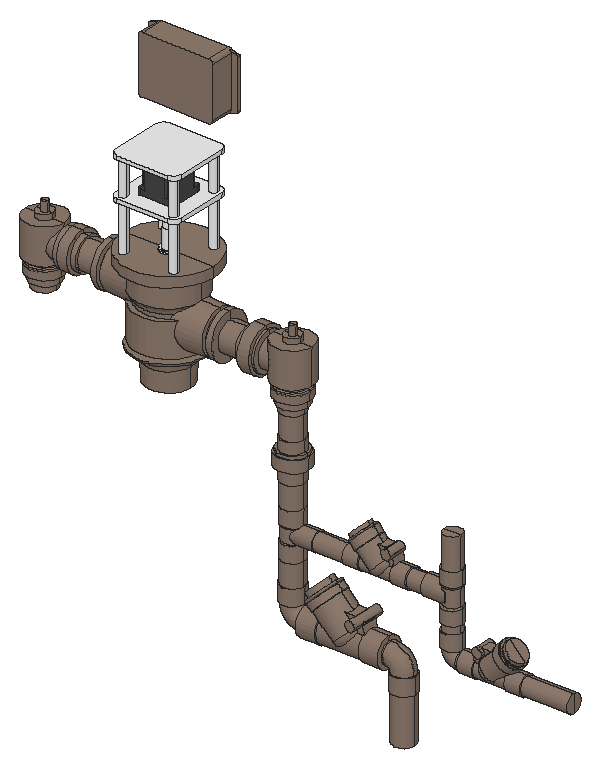
Revit family "Plumbing_Valves_Leonard-Valve_Proton-PNV-150-LF-R", category Pipe Accessories, Revit 2018
Family settings
  Round Connector Dimension = Use Diameter
  Part Type = Normal
  OmniClass Number = 23.65.55.14.24
  OmniClass Title = Mixing Valves for Liquid Services
  Work Plane-Based = Yes
  Always vertical = Yes
  Cut with Voids When Loaded = Yes
  Shared = No
Parameters (values of type "PNV-150-LF-R")
  Water Pressure Maximum = 125.0 psi  # constant formula
  URL = "http://www.leonardvalve.com"
  Product data url = "https://bimobject.com/leonardvalvecompany/product/pnv-150-lf-r"
  Product Page URL = "https://www.leonardvalve.com/products/lines/228/product/4892"
  Product Material = Bronze - Leonard Valve Company
  Product Guid = "440fbd83-db79-42a4-8fbc-f5e40b03caee"
  Piping Method = "Method W"  # constant formula
  Outlet Temperature Range = "65°F-180°F"  # constant formula
  Outlet = 1 1/2"
  Offset = 0"
  Model = "PNV-150-LF-R"
  Mixed Water Outlet Flow [instance] = 0.0 GPM
  Minimum Flow Rate = 0.25 GPM  # constant formula
  Maximum Pressure Drop = 50.0 psi  # constant formula
  Maximum Flow Rate = 165.0 GPM  # constant formula
  Manufacturer = "Leonard Valve"  # constant formula
  Keynote = "15400"
  Inlet = 1 1/4"
  Hot Water Inlet Flow [instance] = 0.0 GPM
  Hot Inlet Temperature Range = "120°F-180°F"  # constant formula
  Edition number = 1
  Description = "Proton-PNV-150-LF-R"
  Default Elevation = 48"
  Cold Water Inlet Flow [instance] = 0.0 GPM
  Cold Inlet Temperature Range = "39°F-80°F"  # constant formula
  Assembly Code = "D2090800"
Reference planes (in)
  plane 1 "Center (Front/Back)": y = 0
  plane 2: z = 0
  plane 3 "Center (Left/Right)": x = 0
  plane 4: y = 0
Dimensions and locks (in)
  "Offset": plane 4 to plane 1 "Center (Front/Back)"
  aligned and locked: level to plane 2
  aligned and locked: plane 3 "Center (Left/Right)" to nested 1
  aligned and locked: plane 4 to nested 1
Nested families (in)
  nested 1: "Proton-PNV-150-LF-R" at (0, -0.76642, 0), type "Proton-PNV-150-LF-R"
Connectors (in)
  piping at (15.16, -2.88589, 0), diameter 1.25, driven by "Inlet", driven by "Cold Water Inlet Flow"
    settings: on nested 1, index 1, connector inside diameter 609.6 mm, connector length 0", flow factor 0, pipe flow 0.0 GPM, pressure drop 0.0 psi, fitting loss kfactor 0, connector angle 0.00°, fixture units 0, engagement length 0", angle of deflection 0.00°, flow configuration 0, flow direction 1, fitting loss method 0, system type 20, joint type 0, gender type 0, connector reference index -1, connector utility 0, adjustable connector no, is connector primary yes, connector description "Cold Water Inlet"
  piping at (26.12, -2.8922, 6.04), diameter 1, driven by "Cold Water Inlet Flow"
    settings: on nested 1, index 2, connector inside diameter 609.6 mm, connector length 0", flow factor 0, pipe flow 0.0 GPM, pressure drop 0.0 psi, fitting loss kfactor 0, connector angle 0.00°, fixture units 0, engagement length 0", angle of deflection 0.00°, flow configuration 0, flow direction 2, fitting loss method 0, system type 8, joint type 0, gender type 0, connector reference index -1, connector utility 0, adjustable connector no, is connector primary no, connector description "Return Outlet"
  piping at (-8, -2.88589, 18.23), diameter 1.25, driven by "Inlet", driven by "Hot Water Inlet Flow"
    settings: on nested 1, index 3, connector inside diameter 609.6 mm, connector length 0", flow factor 0, pipe flow 0.0 GPM, pressure drop 0.0 psi, fitting loss kfactor 0, connector angle 0.00°, fixture units 0, engagement length 0", angle of deflection 0.00°, flow configuration 0, flow direction 1, fitting loss method 0, system type 19, joint type 0, gender type 0, connector reference index -1, connector utility 0, adjustable connector no, is connector primary no, connector description "Hot Water Inlet"
  piping at (18.30888, -2.8937, 13.23), diameter 1, driven by "Cold Water Inlet Flow"
    settings: on nested 1, index 5, connector inside diameter 609.6 mm, connector length 0", flow factor 0, pipe flow 0.0 GPM, pressure drop 0.0 psi, fitting loss kfactor 0, connector angle 0.00°, fixture units 0, engagement length 0", angle of deflection 0.00°, flow configuration 0, flow direction 1, fitting loss method 0, system type 8, joint type 0, gender type 0, connector reference index -1, connector utility 0, adjustable connector no, is connector primary no, connector description "Return Inlet"
  piping at (0, -2.88829, 15.62187), diameter 1.5, driven by "Outlet", driven by "Mixed Water Outlet Flow"
    settings: on nested 1, index 6, connector inside diameter 609.6 mm, connector length 0", flow factor 0, pipe flow 0.0 GPM, pressure drop 0.0 psi, fitting loss kfactor 0, connector angle 0.00°, fixture units 0, engagement length 0", angle of deflection 0.00°, flow configuration 0, flow direction 2, fitting loss method 0, system type 7, joint type 0, gender type 0, connector reference index -1, connector utility 0, adjustable connector no, is connector primary no, connector description "Mixed Water Outlet"
Definition of nested family "Proton-PNV-150-LF-R"
  Parameters (values of type "Proton-PNV-150-LF-R")
    Product Material = none
  Reference planes (in)
    plane 1 "Center (Front/Back)": y = 0
    plane 2: z = 0
    plane 3 "Center (Left/Right)": x = 0
    plane 4 "1": y = -2.125
    plane 5: y = 0.76642
  Forms (in)
    Revolve 1, solid, material <- "Product Material", detail levels fine
      sketch origin (-22.22178, -2.12728, -7.22207) x (-1, 0, 0) y (0, 0, 1)
        loop
          line (-40.53066, 20.45207) -> (-41.09256, 20.45207) -> (-41.09256, 18.45207) -> (-41.16705, 18.45207) -> (-41.16705, 17.54186)
          arc (-41.16705, 17.54186) -> (-41.14211, 17.48534) -> (-41.09593, 17.44429) r 0.14525
          line (-41.09593, 17.44429) -> (-41.09593, 16.33712)
          arc (-41.09593, 16.33712) -> (-41.14733, 16.28417) -> (-41.16607, 16.2128) r 0.14525
          line (-41.16607, 16.2128) -> (-41.16607, 15.33207) -> (-41.09557, 15.33207) -> (-41.09557, 14.83207) -> (-41.16578, 14.83207) -> (-41.16578, 13.86738) -> (-40.53066, 13.86738) -> (-40.53066, 20.45207)
        axis (-40.53066, 20.45207) -> (-40.53066, 13.86738)
      angle from 0 to 360
    Revolve 2, solid, material <- "Product Material", detail levels fine
      sketch origin (12.82156, -2.12578, 4.93392) x (0, 0, -1) y (-1, 0, 0)
        loop
          line (-4.73608, 4.55196) -> (-5.33308, 4.55196) -> (-5.33308, 3.13156) -> (-5.30137, 3.13156) -> (-5.30137, 1.13156) -> (-5.36608, 1.13156) -> (-5.36608, 0.15406) -> (-5.31424, 0.15406) -> (-5.31424, -1.95094) -> (-5.36718, -1.95094) -> (-5.36718, -2.92844) -> (-5.2993, -2.92844) -> (-5.2993, -3.92844) -> (-5.37011, -3.92844) -> (-5.37011, -5.46974) -> (-4.73608, -5.46974) -> (-4.73608, 4.55196)
        axis (-4.73608, 4.55196) -> (-4.73608, -5.46974)
      angle from 0 to 360
    Extrusion 3, solid, material <- "Product Material", detail levels fine
      sketch origin (0, 0, 0) x (1, 0, 0) y (0, 0, 1)
        loop
          line (-2.4, 34.40542) -> (-2.4, 31.15542)
          arc (-2.4, 31.15542) -> (-2.32678, 30.97865) -> (-2.15, 30.90542) r 0.25
          line (-2.15, 30.90542) -> (2.15, 30.90542)
          arc (2.15, 30.90542) -> (2.32678, 30.97865) -> (2.4, 31.15542) r 0.25
          line (2.4, 31.15542) -> (2.4, 34.40542)
          arc (2.4, 34.40542) -> (2.32678, 34.5822) -> (2.15, 34.65542) r 0.25
          line (2.15, 34.65542) -> (-2.15, 34.65542)
          arc (-2.15, 34.65542) -> (-2.32678, 34.5822) -> (-2.4, 34.40542) r 0.25
      from 0 to 1.55833
    Revolve 4, solid, material <- "Product Material", detail levels fine
      sketch origin (7.75, -2.12187, -4.21433) x (0, 0, -1) y (-1, 0, 0)
        loop
          line (-27.36121, 4.86171) -> (-26.71688, 4.86171) -> (-26.71688, 5.31877)
          arc (-26.71688, 5.31877) -> (-26.68142, 5.40437) -> (-26.59582, 5.43983) r 0.12106
          line (-26.59582, 5.43983) -> (-26.59582, 5.58885) -> (-25.09582, 5.58885)
          arc (-25.09582, 5.58885) -> (-24.88115, 5.79122) -> (-24.61621, 5.92098) r 0.98549
          line (-24.61621, 5.92098) -> (-24.36621, 5.92098) -> (-24.36621, 5.5875) -> (-22.21121, 5.5875) -> (-22.21121, 6.12581) -> (-21.96229, 6.12581) -> (-21.96229, 5.43582)
          arc (-21.96229, 5.43582) -> (-21.87314, 5.47275) -> (-21.83621, 5.5619) r 0.12609
          line (-21.83621, 5.5619) -> (-21.83621, 6.00683)
          arc (-21.83621, 6.00683) -> (-21.8091, 6.08668) -> (-21.73898, 6.13353) r 0.13117
          line (-21.73898, 6.13353) -> (-21.08586, 6.30853) -> (-19.83621, 6.33778) -> (-19.83621, 7.75) -> (-27.36121, 7.75) -> (-27.36121, 4.86171)
        axis (-27.36121, 7.75) -> (-19.83621, 7.75)
      angle from 0 to 360
    Extrusion 5, solid, detail levels fine
      sketch origin (8.25098, 0, 8.01255) x (1, 0, 0) y (0, 1, 0)
        loop
          line (-10.37598, -0.5) -> (-10.37598, -3.75)
          arc (-10.37598, -3.75) -> (-10.22954, -4.10355) -> (-9.87598, -4.25) r 0.5
          line (-9.87598, -4.25) -> (-6.62598, -4.25)
          arc (-6.62598, -4.25) -> (-6.27243, -4.10355) -> (-6.12598, -3.75) r 0.5
          line (-6.12598, -3.75) -> (-6.12598, -0.5)
          arc (-6.12598, -0.5) -> (-6.27243, -0.14645) -> (-6.62598, 0) r 0.5
          line (-6.62598, 0) -> (-9.87598, 0)
          arc (-9.87598, 0) -> (-10.22954, -0.14645) -> (-10.37598, -0.5) r 0.5
      from 20.64288 to 20.89288
    Extrusion 6, solid, detail levels fine
      sketch origin (8.00098, 0, 3.9375) x (1, 0, 0) y (0, 1, 0)
        loop
          line (-5.87598, -3.75) -> (-5.87598, -0.5)
          arc (-5.87598, -0.5) -> (-6.02243, -0.14645) -> (-6.37598, 0) r 0.5
          line (-6.37598, 0) -> (-9.62598, 0)
          arc (-9.62598, 0) -> (-9.97954, -0.14645) -> (-10.12598, -0.5) r 0.5
          line (-10.12598, -0.5) -> (-10.12598, -3.75)
          arc (-10.12598, -3.75) -> (-9.97954, -4.10355) -> (-9.62598, -4.25) r 0.5
          line (-9.62598, -4.25) -> (-6.37598, -4.25)
          arc (-6.37598, -4.25) -> (-6.02243, -4.10355) -> (-5.87598, -3.75) r 0.5
      from 22.21792 to 22.46792
    Extrusion 7, solid, detail levels fine
      sketch origin (7.62604, -3.75, 8.12042) x (1, 0, 0) y (0, 1, 0)
        loop
          circle (-9.25169, 3.25084) r 0.25
        loop
          circle (-6.00452, 3.24829) r 0.25
        loop
          circle (-9.25052, -0.00069) r 0.25
        loop
          circle (-6.00314, -0.00192) r 0.25
      from 15.02645 to 20.535
    Extrusion 8, solid, detail levels fine
      sketch origin (7.75098, 0, 26.40542) x (1, 0, 0) y (0, 1, 0)
        loop
          arc (-6.81, -3.235) -> (-6.68979, -3.18521) -> (-6.64, -3.065) r 0.17
          line (-6.64, -3.065) -> (-6.64, -1.185)
          arc (-6.64, -1.185) -> (-6.68979, -1.06479) -> (-6.81, -1.015) r 0.17
          line (-6.81, -1.015) -> (-8.69, -1.015)
          arc (-8.69, -1.015) -> (-8.81021, -1.06479) -> (-8.86, -1.185) r 0.17
          line (-8.86, -1.185) -> (-8.86, -3.065)
          arc (-8.86, -3.065) -> (-8.81021, -3.18521) -> (-8.69, -3.235) r 0.17
          line (-8.69, -3.235) -> (-6.81, -3.235)
      from 0 to 0.3937
    Extrusion 9, solid, detail levels fine
      sketch origin (7.75098, 0, 26.40542) x (1, 0, 0) y (0, 1, 0)
        loop
          line (-8.37589, -3.235) -> (-7.12411, -3.235)
          arc (-7.12411, -3.235) -> (-7.04059, -3.20041) -> (-7.006, -3.11689) r 0.11811
          line (-7.006, -3.11689) -> (-7.006, -3.06585)
          arc (-7.006, -3.06585) -> (-6.94834, -2.92666) -> (-6.80915, -2.869) r 0.19685
          line (-6.80915, -2.869) -> (-6.75811, -2.869)
          arc (-6.75811, -2.869) -> (-6.67459, -2.83441) -> (-6.64, -2.75089) r 0.11811
          line (-6.64, -2.75089) -> (-6.64, -1.49911)
          arc (-6.64, -1.49911) -> (-6.67459, -1.41559) -> (-6.75811, -1.381) r 0.11811
          line (-6.75811, -1.381) -> (-6.80915, -1.381)
          arc (-6.80915, -1.381) -> (-6.94834, -1.32334) -> (-7.006, -1.18415) r 0.19685
          line (-7.006, -1.18415) -> (-7.006, -1.13311)
          arc (-7.006, -1.13311) -> (-7.04059, -1.04959) -> (-7.12411, -1.015) r 0.11811
          line (-7.12411, -1.015) -> (-8.37589, -1.015)
          arc (-8.37589, -1.015) -> (-8.45941, -1.04959) -> (-8.494, -1.13311) r 0.11811
          line (-8.494, -1.13311) -> (-8.494, -1.18415)
          arc (-8.494, -1.18415) -> (-8.55166, -1.32334) -> (-8.69085, -1.381) r 0.19685
          line (-8.69085, -1.381) -> (-8.74189, -1.381)
          arc (-8.74189, -1.381) -> (-8.82541, -1.41559) -> (-8.86, -1.49911) r 0.11811
          line (-8.86, -1.49911) -> (-8.86, -2.75089)
          arc (-8.86, -2.75089) -> (-8.82541, -2.83441) -> (-8.74189, -2.869) r 0.11811
          line (-8.74189, -2.869) -> (-8.69085, -2.869)
          arc (-8.69085, -2.869) -> (-8.55166, -2.92666) -> (-8.494, -3.06585) r 0.19685
          line (-8.494, -3.06585) -> (-8.494, -3.11689)
          arc (-8.494, -3.11689) -> (-8.45941, -3.20041) -> (-8.37589, -3.235) r 0.11811
      from 0.3937 to 1.78
    Revolve 10, solid, material <- "Product Material", detail levels fine
      sketch origin (1.78035, -2.11947, 5.78552) x (-1, 0, 0) y (0, 0, 1)
        loop
          line (-6.21965, 15.84067) -> (-6.21965, -0.08552) -> (-5.45791, -0.08552) -> (-5.45791, 0.91448) -> (-5.53226, 0.91448) -> (-5.53226, 2.38448) -> (-5.49899, 2.38448) -> (-5.49899, 3.37812) -> (-5.56772, 3.44685) -> (-5.56772, 4.3222) -> (-5.49899, 4.39093) -> (-5.49899, 5.38448) -> (-5.53254, 5.38448) -> (-5.53254, 6.88448) -> (-5.47945, 6.88448) -> (-5.47945, 7.77348) -> (-5.15828, 7.77348) -> (-5.15828, 8.52348) -> (-5.28146, 8.52348) -> (-5.28146, 8.70448) -> (-5.44723, 8.70448) -> (-5.44723, 9.39448) -> (-5.53456, 9.39448) -> (-5.53456, 10.89448) -> (-5.47067, 10.89448) -> (-5.47067, 11.34448) -> (-5.28146, 11.34448) -> (-5.28146, 11.79448) -> (-5.10416, 11.79448) -> (-5.10416, 12.30336)
          arc (-5.10416, 12.30336) -> (-5.11832, 12.34194) -> (-5.15408, 12.36222) r 0.05966
          arc (-5.15408, 12.36222) -> (-5.21975, 12.39945) -> (-5.24575, 12.47031) r 0.10957
          line (-5.24575, 12.47031) -> (-5.24575, 12.69448) -> (-4.96884, 12.69448) -> (-4.96884, 14.95248) -> (-5.69607, 14.95248) -> (-5.69607, 15.26448) -> (-6.00315, 15.26448) -> (-6.00315, 15.84067) -> (-6.21965, 15.84067)
        axis (-6.21965, 15.84067) -> (-6.21965, -0.08552)
      angle from 0 to 360
    Revolve 11, solid, material <- "Product Material", detail levels fine
      sketch origin (11.96035, -2.11947, 0.20552) x (-1, 0, 0) y (0, 0, 1)
        loop
          line (-3.19965, 3.82259) -> (-3.95942, 3.82259) -> (-3.95942, 2.79448) -> (-3.88774, 2.79448) -> (-3.88774, -0.20552) -> (-3.19965, -0.20552) -> (-3.19965, 3.82259)
        axis (-3.19965, 3.82259) -> (-3.19965, -0.20552)
      angle from 0 to 360
    Revolve 12, solid, material <- "Product Material", detail levels fine
      sketch origin (-1.24173, -2.12187, 2.77262) x (0, 0, -1) y (1, 0, 0)
        loop
          line (-4.45561, 10.94405) -> (-2.04952, 13.35015) -> (-2.45592, 13.75655)
          arc (-2.45592, 13.75655) -> (-2.80948, 13.903) -> (-3.16303, 13.75655) r 0.5
          line (-3.16303, 13.75655) -> (-4.50847, 12.41112) -> (-4.54428, 12.44693) -> (-4.8538, 12.1374)
          arc (-4.8538, 12.1374) -> (-4.87218, 12.09326) -> (-4.85412, 12.04898) r 0.06275
          arc (-4.85412, 12.04898) -> (-4.94217, 12.04898) -> (-4.94217, 11.96093) r 0.06226
          line (-4.94217, 11.96093) -> (-4.83636, 11.85512)
          arc (-4.83636, 11.85512) -> (-4.82662, 11.83162) -> (-4.83636, 11.80813) r 0.03323
          line (-4.83636, 11.80813) -> (-5.07802, 11.56646) -> (-4.45561, 10.94405)
        axis (-4.45561, 10.94405) -> (-2.04952, 13.35015)
      angle from 0 to 360
    Extrusion 13, solid, material <- "Product Material", detail levels fine
      sketch origin (2.03133, 0, -0.61596) x (-1, 0, 0) y (0, 0, -1)
        loop
          line (-10.44682, -7.12737) -> (-9.73308, -7.12737) -> (-10.34151, -6.51894)
          arc (-10.34151, -6.51894) -> (-10.46093, -6.37258) -> (-10.54855, -6.20523) r 0.93648
          line (-10.54855, -6.20523) -> (-10.96344, -6.20523) -> (-10.96344, -6.27532) -> (-11.00276, -6.27532) -> (-10.84886, -6.89261)
          arc (-10.84886, -6.89261) -> (-10.39445, -6.57604) -> (-10.44682, -7.12737) r 0.30517
      from 1.625 to 2.625
    Extrusion 14, solid, material <- "Product Material", detail levels fine
      sketch origin (2.02814, 0, -5.88811) x (-1, 0, 0) y (0, 0, -1)
        loop
          circle (-10.55153, -12.11173) r 0.30517
      from 1.00375 to 3.24625
    Revolve 15, solid, material <- "Product Material", detail levels fine
      sketch origin (6.99677, -2.12578, -4.38769) x (0, 0, -1) y (-1, 0, 0)
        loop
          line (-9.23769, -7.22323) -> (-8.29043, -7.22323) -> (-8.29043, -5.99573) -> (-8.34486, -5.99573) -> (-8.34486, -3.17073) -> (-8.2872, -3.17073) -> (-8.2872, -1.94323) -> (-9.23769, -1.94323) -> (-9.23769, -7.22323)
        axis (-9.23769, -1.94323) -> (-9.23769, -7.22323)
      angle from 0 to 360
    Sweep 16, solid, material <- "Product Material", detail levels fine
      path origin (24.53787, -2.125, 15.57928) x (0, 0, -1) y (1, 0, 0)
        loop
          line (10.72928, -10.31787) -> (10.72928, -10.19073)
          arc (10.72928, -10.19073) -> (10.96736, -9.61595) -> (11.54213, -9.37787) r 0.81286
          line (11.54213, -9.37787) -> (11.60928, -9.37787)
      profile origin (14.28357, -2.125, 4.85) x (0, 0, 1) y (0, -1, 0)
        loop
          circle (0, 0) r 0.67969
    Revolve 17, solid, material <- "Product Material", detail levels fine
      sketch origin (18.39943, -2.12578, -7.36844) x (0, 0, -1) y (-1, 0, 0)
        loop
          line (-13.40844, -7.72057) -> (-12.845, -7.72057) -> (-12.845, -4.72057) -> (-12.77792, -4.72057) -> (-12.77792, -3.74307) -> (-12.83137, -3.74307) -> (-12.83137, -1.63807) -> (-12.77763, -1.63807) -> (-12.77763, -0.66057) -> (-13.40844, -0.66057) -> (-13.40844, -7.72057)
        axis (-13.40844, -0.66057) -> (-13.40844, -7.72057)
      angle from 0 to 360
    Revolve 18, solid, material <- "Product Material", detail levels fine
      sketch origin (-4.63466, -2.12578, 10.28789) x (0, 0, -1) y (-1, 0, 0)
        loop
          line (-10.76611, 2.95666) -> (-10.76611, -3.22915) -> (-9.25871, -3.22915) -> (-9.35896, -1.33466) -> (-9.58165, -1.33466) -> (-9.58165, -1.11441) -> (-9.32374, -1.11441) -> (-9.32374, -0.77066) -> (-9.81912, -0.77066) -> (-9.81912, 0.52434) -> (-9.70503, 0.52434) -> (-9.70503, 0.90234) -> (-9.48862, 0.90234) -> (-9.48862, 1.55234) -> (-9.53418, 1.55234) -> (-9.53418, 1.84934) -> (-9.81912, 1.84934) -> (-9.81912, 2.95666) -> (-10.76611, 2.95666)
        axis (-10.76611, 2.95666) -> (-10.76611, -3.22915)
      angle from 0 to 360
    Revolve 19, solid, material <- "Product Material", detail levels fine
      sketch origin (35.01892, -2.12187, -0.63941) x (0, 0, -1) y (-1, 0, 0)
        loop
          line (-8.43237, 12.55096) -> (-6.56439, 14.41894) -> (-6.79601, 14.65056)
          arc (-6.79601, 14.65056) -> (-7.14956, 14.797) -> (-7.50311, 14.65056) r 0.5
          line (-7.50311, 14.65056) -> (-8.39882, 13.75485) -> (-8.43243, 13.78846) -> (-8.80805, 13.41284)
          arc (-8.80805, 13.41284) -> (-8.81712, 13.39075) -> (-8.80778, 13.36878) r 0.03097
          arc (-8.80778, 13.36878) -> (-8.85216, 13.36882) -> (-8.8523, 13.32444) r 0.03142
          line (-8.8523, 13.32444) -> (-8.77755, 13.24969)
          arc (-8.77755, 13.24969) -> (-8.76717, 13.22464) -> (-8.77755, 13.19959) r 0.03542
          line (-8.77755, 13.19959) -> (-8.92927, 13.04786) -> (-8.43237, 12.55096)
        axis (-6.56439, 14.41894) -> (-8.43237, 12.55096)
      angle from 0 to 360
    Extrusion 20, solid, material <- "Product Material", detail levels fine
      sketch origin (30.82038, 0, -0.0631) x (1, 0, 0) y (0, 0, 1)
        loop
          arc (-10.43809, 7.53135) -> (-10.2924, 6.98413) -> (-10.78434, 7.26548) r 0.30681
          line (-10.78434, 7.26548) -> (-10.8603, 6.65829) -> (-10.78288, 6.65829) -> (-10.78288, 6.54301) -> (-10.54259, 6.54301)
          arc (-10.54259, 6.54301) -> (-10.45068, 6.75586) -> (-10.30863, 6.93909) r 0.923
          line (-10.30863, 6.93909) -> (-9.71636, 7.53135) -> (-10.43809, 7.53135)
      from 1.75 to 2.5
    Extrusion 21, solid, material <- "Product Material", detail levels fine
      sketch origin (30.94864, 0, -5.30442) x (1, 0, 0) y (0, 0, 1)
        loop
          circle (-10.60769, 12.46865) r 0.30681
      from 1.54875 to 2.70125
    Revolve 22, solid, material <- "Product Material", detail levels fine
      sketch origin (-14.21965, -2.11947, 7.33552) x (-1, 0, 0) y (0, 0, 1)
        loop
          line (-6.21965, 15.84067) -> (-6.21965, 10.89448) -> (-5.47067, 10.89448) -> (-5.47067, 11.34448) -> (-5.28146, 11.34448) -> (-5.28146, 11.79448) -> (-5.10416, 11.79448) -> (-5.10416, 12.30336)
          arc (-5.10416, 12.30336) -> (-5.11832, 12.34194) -> (-5.15408, 12.36222) r 0.05966
          arc (-5.15408, 12.36222) -> (-5.21975, 12.39945) -> (-5.24575, 12.47031) r 0.10957
          line (-5.24575, 12.47031) -> (-5.24575, 12.69448) -> (-4.96884, 12.69448) -> (-4.96884, 14.95248) -> (-5.69607, 14.95248) -> (-5.69607, 15.26448) -> (-6.00315, 15.26448) -> (-6.00315, 15.84067) -> (-6.21965, 15.84067)
        axis (-6.21965, 15.84067) -> (-6.21965, 10.89448)
      angle from 0 to 360
    Sweep 23, solid, material <- "Product Material", detail levels fine
      path origin (-1.37787, -2.125, -5.87928) x (0, 0, 1) y (-1, 0, 0)
        loop
          line (10.72928, -10.31787) -> (10.72928, -10.19073)
          arc (10.72928, -10.19073) -> (10.96736, -9.61595) -> (11.54213, -9.37787) r 0.81286
          line (11.54213, -9.37787) -> (11.57928, -9.37787)
      profile origin (8.87643, -2.125, 4.85) x (0, 0, -1) y (0, -1, 0)
        loop
          circle (0, 0) r 0.67969
    Sweep 24, solid, material <- "Product Material", detail levels fine
      path origin (8.72343, -2.125, -4.68602) x (0, 0, 1) y (-1, 0, 0)
        loop
          line (10.72928, -10.33657) -> (10.72928, -10.20749)
          arc (10.72928, -10.20749) -> (10.91662, -9.75521) -> (11.36889, -9.56787) r 0.63961
      profile origin (18.99546, -2.125, 6.04326) x (0, 0, -1) y (0, -1, 0)
        loop
          circle (0, 0) r 0.56641
    Revolve 25, solid, material <- "Product Material", detail levels fine
      sketch origin (-0.20797, -2.12187, 2.99073) x (0, 0, -1) y (-1, 0, 0)
        loop
          line (-8.43237, -12.55096) -> (-8.92927, -13.04786) -> (-8.77755, -13.19959)
          arc (-8.77755, -13.19959) -> (-8.76717, -13.22464) -> (-8.77755, -13.24969) r 0.03542
          line (-8.77755, -13.24969) -> (-8.8523, -13.32444)
          arc (-8.8523, -13.32444) -> (-8.85216, -13.36882) -> (-8.80778, -13.36878) r 0.03142
          arc (-8.80778, -13.36878) -> (-8.81712, -13.39075) -> (-8.80805, -13.41284) r 0.03097
          line (-8.80805, -13.41284) -> (-8.43243, -13.78846) -> (-8.39882, -13.75485) -> (-7.50311, -14.65056)
          arc (-7.50311, -14.65056) -> (-7.14956, -14.797) -> (-6.79601, -14.65056) r 0.5
          line (-6.79601, -14.65056) -> (-6.56439, -14.41894) -> (-8.43237, -12.55096)
        axis (-6.56439, -14.41894) -> (-8.43237, -12.55096)
      angle from 0 to 360
    Extrusion 26, solid, material <- "Product Material", detail levels fine
      sketch origin (3.98842, 0, 3.56951) x (-1, 0, 0) y (0, 0, -1)
        loop
          line (-10.43809, -7.53135) -> (-9.71636, -7.53135) -> (-10.30863, -6.93909)
          arc (-10.30863, -6.93909) -> (-10.45068, -6.75586) -> (-10.54259, -6.54301) r 0.923
          line (-10.54259, -6.54301) -> (-10.78288, -6.54301) -> (-10.78288, -6.65829) -> (-10.8603, -6.65829) -> (-10.78434, -7.26548)
          arc (-10.78434, -7.26548) -> (-10.2924, -6.98413) -> (-10.43809, -7.53135) r 0.30681
      from 1.75 to 2.5
    Extrusion 27, solid, material <- "Product Material", detail levels fine
      sketch origin (3.86016, 0, -1.67181) x (-1, 0, 0) y (0, 0, -1)
        loop
          circle (-10.60769, -12.46865) r 0.30681
      from 1.54875 to 2.70125
    Revolve 28, solid, material <- "Product Material", detail levels fine
      sketch origin (4.63425, -2.12578, 30.27308) x (0, 0, 1) y (1, 0, 0)
        loop
          line (-10.76611, 2.95666) -> (-10.76611, -3.37581) -> (-9.25094, -3.37581) -> (-9.35896, -1.33466) -> (-9.58165, -1.33466) -> (-9.58165, -1.069) -> (-9.32374, -1.069) -> (-9.32374, -0.72525) -> (-9.81912, -0.72525) -> (-9.81912, 0.52434) -> (-9.70503, 0.52434) -> (-9.70503, 0.90234) -> (-9.35227, 0.90234) -> (-9.35227, 1.65275) -> (-9.53418, 1.65275) -> (-9.53418, 1.84934) -> (-9.81912, 1.84934) -> (-9.81912, 2.95666) -> (-10.76611, 2.95666)
        axis (-10.76611, 2.95666) -> (-10.76611, -3.37581)
      angle from 0 to 360
    Revolve 29, solid, detail levels fine
      sketch origin (0, -2.125, 38.556) x (0, 0, 1) y (-1, 0, 0)
        loop
          line (-12.40058, 0) -> (-12.40058, 0.18752) -> (-12.97113, 0.18752) -> (-13.08046, 0.1244) -> (-13.21433, 0.1244) -> (-13.21433, 0.24133) -> (-13.37058, 0.24133) -> (-13.37058, 0.28709) -> (-14.12058, 0.28709) -> (-14.12058, 0.3315) -> (-15.306, 0.3315) -> (-15.306, 0.50092) -> (-15.37513, 0.50092)
          arc (-15.37513, 0.50092) -> (-15.39696, 0.50996) -> (-15.406, 0.53179) r 0.03087
          line (-15.406, 0.53179) -> (-15.406, 0) -> (-12.40058, 0)
        axis (-12.40058, 0) -> (-15.406, 0)
      angle from 0 to 360
    Extrusion 30, solid, material <- "Product Material", detail levels fine
      sketch origin (0, -2.125, 38.556) x (0, 0, 1) y (-1, 0, 0)
        loop
          line (-4.19514, 2.875) -> (-7.35602, 2.875)
          arc (-7.35602, 2.875) -> (-7.3923, 2.86339) -> (-7.4151, 2.83287) r 0.0625
          line (-7.4151, 2.83287) -> (-7.59744, 2.30409)
          arc (-7.59744, 2.30409) -> (-7.51007, 2.37475) -> (-7.40058, 2.4) r 0.25
          line (-7.40058, 2.4) -> (-4.15058, 2.4)
          arc (-4.15058, 2.4) -> (-4.04108, 2.37475) -> (-3.95371, 2.30409) r 0.25
          line (-3.95371, 2.30409) -> (-4.13605, 2.83287)
          arc (-4.13605, 2.83287) -> (-4.15885, 2.86339) -> (-4.19514, 2.875) r 0.0625
        loop
          line (-4.13605, -2.83287) -> (-3.95371, -2.30409)
          arc (-3.95371, -2.30409) -> (-4.04108, -2.37475) -> (-4.15058, -2.4) r 0.25
          line (-4.15058, -2.4) -> (-7.40058, -2.4)
          arc (-7.40058, -2.4) -> (-7.51007, -2.37475) -> (-7.59744, -2.30409) r 0.25
          line (-7.59744, -2.30409) -> (-7.4151, -2.83287)
          arc (-7.4151, -2.83287) -> (-7.3923, -2.86339) -> (-7.35602, -2.875) r 0.0625
          line (-7.35602, -2.875) -> (-4.19514, -2.875)
          arc (-4.19514, -2.875) -> (-4.15885, -2.86339) -> (-4.13605, -2.83287) r 0.0625
      from -2.125 to -2.00391
  Cuts and joins
    joined: Extrusion 8, Extrusion 9
    joined: Revolve 1, Revolve 2, Revolve 4, Revolve 10, Revolve 11, Revolve 12, Revolve 15, Sweep 16, Revolve 17, Revolve 18, Revolve 19, Revolve 22, Sweep 23, Sweep 24, Revolve 25, Revolve 28
    joined: Extrusion 5, Extrusion 6, Extrusion 7, Revolve 29
    joined: Extrusion 3, Extrusion 30
  Lines and regions (in)
    Masking region 1, detail levels coarse+medium
      outline origin (0, 0, 0) x (1, 0, 0) y (0, 1, 0)
        loop
          circle (0, -2.12187) r 2.88829
    model lines, detail levels coarse+medium
      curve 1: line (7.99248, -2.125, 19.32581) -> (7.99248, -2.125, 6.2542)
      curve 2: line (14.10472, -2.125, 4.7542) -> (9.49248, -2.125, 4.7542)
      curve 3: line (15.19755, -2.125, 3.66137) -> (15.19755, -2.125, 0)
      curve 4: line (7.99248, -2.125, 9.63165) -> (18.2913, -2.125, 9.63165)
      curve 5: line (18.2913, -2.125, 13.23) -> (18.2913, -2.125, 6.7542)
      curve 6: line (26.12, -2.125, 6.0042) -> (19.0413, -2.125, 6.0042)
      curve 7: line (7.99248, -2.125, 19.32581) -> (2.38951, -2.125, 19.32581)
      curve 8: arc (7.99248, -2.125, 6.2542) -> (8.43182, -2.125, 5.19354) -> (9.49248, -2.125, 4.7542) r 1.5
      curve 9: arc (14.10472, -2.125, 4.7542) -> (14.87747, -2.125, 4.43412) -> (15.19755, -2.125, 3.66137) r 1.09283
      curve 10: arc (18.2913, -2.125, 6.7542) -> (18.51097, -2.125, 6.22387) -> (19.0413, -2.125, 6.0042) r 0.75
      curve 11: line (-7.99919, -2.125, 21.05399) -> (-7.99919, -2.125, 18.23)
      curve 12: line (0, -2.125, 16.00414) -> (0, -2.125, 21.05399)
      curve 13: line (-7.99919, -2.125, 21.05399) -> (0, -2.125, 21.05399)
      curve 14: line (-7.99919, -2.125, 18.23) -> (-7.55778, -2.125, 18.23)
      curve 15: line (-7.99919, -2.125, 18.23) -> (-8.44059, -2.125, 18.23)
      curve 16: line (8, -2.125, 16.68) -> (8.44141, -2.125, 16.68)
      curve 17: line (8, -2.125, 16.68) -> (7.55859, -2.125, 16.68)
      curve 18: line (0, -2.125, 21.05399) -> (-1.41321, -2.125, 21.56836)
      curve 19: line (-1.41321, -2.125, 21.56836) -> (-1.41321, -2.125, 21.05399)
      curve 20: line (0, -2.125, 21.05399) -> (-1.41321, -2.125, 20.53963)
      curve 21: line (-1.41321, -2.125, 20.53963) -> (-1.41321, -2.125, 21.05399)
      curve 22: line (0, -2.125, 21.05399) -> (1.41321, -2.125, 21.56836)
      curve 23: line (1.41321, -2.125, 21.56836) -> (1.41321, -2.125, 21.05399)
      curve 24: line (0, -2.125, 21.05399) -> (1.41321, -2.125, 20.53963)
      curve 25: line (1.41321, -2.125, 20.53963) -> (1.41321, -2.125, 21.05399)
      curve 26: line (0, -2.125, 21.05399) -> (2.38951, -2.125, 21.05399)
      curve 27: line (2.38951, -2.125, 21.05399) -> (2.38951, -2.125, 19.32581)
      curve 28: line (0, -2.125, 15.62187) -> (-0.2207, -2.125, 16.00414)
      curve 29: line (-0.2207, -2.125, 16.00414) -> (0, -2.125, 16.00414)
      curve 30: line (0, -2.125, 15.62187) -> (0.2207, -2.125, 16.00414)
      curve 31: line (0.2207, -2.125, 16.00414) -> (0, -2.125, 16.00414)
      curve 32: line (0, -2.125, 21.05399) -> (0, -2.125, 21.80399)
      curve 33: circle (0, -2.125, 22.30399) r 0.5 normal (0, -1, 0)
      curve 34: line (7.33983, -2.125, 10.74697) -> (8.58983, -2.125, 10.74697)
      curve 35: line (7.33983, -2.125, 8.63165) -> (8.58983, -2.125, 8.63165)
      curve 36: line (9.11998, -2.125, 10.13201) -> (9.11998, -2.125, 9.13201)
      curve 37: line (12.34299, -2.125, 11.4231) -> (14.13444, -2.125, 9.63165)
      curve 38: line (12.83989, -2.125, 11.92) -> (11.84609, -2.125, 10.9262)
      curve 39: line (12.11998, -2.125, 10.13201) -> (12.11998, -2.125, 9.13201)
      curve 40: line (15.11998, -2.125, 10.13201) -> (15.11998, -2.125, 9.13201)
      curve 41: line (17.77526, -2.125, 10.76177) -> (18.77526, -2.125, 10.76177)
      curve 42: line (17.77526, -2.125, 8.63165) -> (18.77526, -2.125, 8.63165)
      curve 43: line (17.2913, -2.125, 10.13201) -> (17.2913, -2.125, 9.13201)
      curve 44: line (17.77526, -2.125, 7.0042) -> (18.83611, -2.125, 7.0042)
      curve 45: line (19.39128, -2.125, 6.57786) -> (19.39128, -2.125, 5.48603)
      curve 46: line (22.76117, -2.125, 6.57786) -> (22.76117, -2.125, 5.48603)
      curve 47: line (22.46796, -2.125, 7.79296) -> (20.6792, -2.125, 6.0042)
      curve 48: line (21.97106, -2.125, 8.28986) -> (22.96486, -2.125, 7.29606)
      curve 49: line (14.445, -2.125, 3.46247) -> (15.84958, -2.125, 3.46247)
      curve 50: line (13.537, -2.125, 5.74668) -> (13.537, -2.125, 3.99668)
      curve 51: line (9.61697, -2.125, 5.6258) -> (9.61697, -2.125, 3.99668)
      curve 52: line (9.70232, -2.125, 7.22824) -> (12.17635, -2.125, 4.7542)
      curve 53: line (10.32473, -2.125, 7.85064) -> (9.07991, -2.125, 6.60583)
      curve 54: line (7.33983, -2.125, 6.5042) -> (8.58983, -2.125, 6.5042)
    symbolic lines, detail levels coarse+medium
      curve 55: line (-7.99919, -2.125, 0) -> (-2.88829, -2.125, 0)
      curve 56: line (26.12, -2.125, 0) -> (2.88829, -2.125, 0)
      curve 57: line (5.91563, -0.79083, 0) -> (5.91563, -3.41287, 0)
      curve 58: line (9.56974, -1.25824, 0) -> (9.56974, -2.94348, 0)
      curve 59: line (13.2725, -1.25824, 0) -> (13.2725, -2.94348, 0)
      curve 60: line (22.76914, -1.5297, 0) -> (22.76914, -2.67353, 0)
      curve 61: line (19.68842, -1.5297, 0) -> (19.68842, -2.67353, 0)
      curve 62: line (-5.86456, -0.96868, 0) -> (-5.86456, -3.21868, 0)
  Dimensions and locks (in)
    locked: plane 1 "Center (Front/Back)" to plane 4 "1" at 2.125
    locked: plane 1 "Center (Front/Back)" to plane 5 at 0.76642
    aligned and locked: level to plane 2
